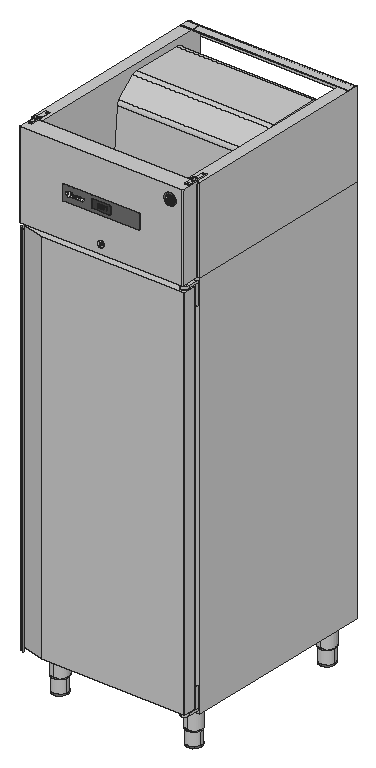
Revit family "QF_HOSHIZAKI_131701010", category Specialty Equipment, Revit 2016
Family settings
  Part Type = Normal
  Round Connector Dimension = Use Diameter
  OmniClass Number = 23.40.40.14
  OmniClass Title = Food Service Equipment
  Work Plane-Based = No
  Always vertical = Yes
  Cut with Voids When Loaded = No
  Shared = No
  Room Calculation Point = No
Parameters (values of type "131701010_230V/1Ph/50Hz")
  Weight = 123.00 kg
  Volts = 230 V
  URL Cutsheet = ""
  URL = "www.hoshizaki-europe.com"
  Status [instance] = ""
  Specification by User [instance] = ""
  Specification by Manufacturer [instance] = ""
  Serial Number = ""
  Seismic Rating = ""
  SMACNA No = ""
  Revision Code [instance] = ""
  Phase = 1
  Number of Poles = 2
  NAFEM Spec ID Number = ""
  Model = "ADVANCE K 70-4 L DR"
  Min Ckt Ampacity = 0 A
  Max Overcurrent Protection = 0 A
  Masterspec = ""
  Manufacturer = "HOSHIZAKI"
  Length Actual = 654 mm
  Item Number [instance] = ""
  Installed By [instance] = ""
  Identify Quantity as Lot [instance] = no
  Height Actual = 2000 mm
  HP power = ""
  Furnished By [instance] = ""
  Foodservice Equipment Identifier [instance] = yes
  FL Amps = 6.52 A
  Electric power = 1500 W
  Electric Connection Type [instance] = ""
  Elec Conn RI Height [instance] = 0 mm
  Elec Conn Connection Height [instance] = 1550 mm
  Description = "ADVANCE REFRIGERATOR, 2/1 GN DEEP, AISI430 STAINLESS STEEL EXTERIOR AND INTERIOR, HC NATURAL REFRIGERANT, LEGS"
  Depth Actual = 830 mm
  Cycle = 50 Hz
  Cost = 0
  Conn Plug = ""
  Conn Conduit = no
  CSI MasterFormat = ""
  Assembly Code = "E1090320"
  Apparent Power = 1500 VA
  Accessory = no
Reference planes
  plane 1 "Center (Front/Back)": y = 0
  plane 2: z = 0
  plane 3 "Center (Left/Right)": x = 0
Forms (mm)
  Extrusion 1, solid, not visible
    sketch origin (624, -2, 1699) x (1, 0, 0) y (0, 1, 0)
      loop
        line (0, 0) -> (2, 0) -> (2, 2) -> (0, 2) -> (0, 0)
    from 0 to 2
Dimensions and locks
  aligned and locked: level to plane 2
Nested families
  nested 1: "QF_HOSHIZAKI_131701010_230V_1Ph_50Hz" at (0, 0, 150), type "131701010_230V/1Ph/50Hz"
    with Show Logo yes, Show Clearance yes
  nested 2: "QF_HOSHIZAKI_PRE_ADV_LEGS" at (0, 0, 0), type "760660118-654X830"
    with Length Actual 654 mm, Height Actual 150 mm, Depth Actual 830 mm
  nested 3: "QF_HOSHIZAKI_AD_70_RX_SS_DOOR" at (0, -760, 160), type "AD_70_RX_SS_DOOR"
    with Show Logo yes, Show Clearance yes
Connectors
  electrical at (625, 0, 1700), driven by "Apparent Power", driven by "Number of Poles", driven by "Volts"
    settings: on Extrusion 1, index 1, voltage 230 V, apparent load 0 VA, apparent load phase1 1500 VA, apparent load phase2 0 VA, apparent load phase3 0 VA, power factor 1, load classification "Other", number of poles 2, system type 31, power factor state 1, is connector primary yes, connector utility no, sub classification motor no, connector description "Electric connection for '131701010'"
Definition of nested family "QF_HOSHIZAKI_131701010_230V_1Ph_50Hz"
  Parameters (values of type "131701010_230V/1Ph/50Hz")
    URL = "www.hoshizaki-europe.com"
    Show Logo [instance] = yes
    Show Clearance [instance] = yes
    Model = "ADVANCE K 70-4 L DR"
    Manufacturer = "HOSHIZAKI"
    Description = "ADVANCE REFRIGERATOR, 2/1 GN DEEP, AISI 304 STAINLESS STEEL EXTERIOR AND INTERIOR, HC NATURAL REFRIGERANT, LEGS"
    Assembly Code = "E1090320"
  Types (6, lengths in mm): name | Model | Description
    131701010_230V/1Ph/50Hz | "ADVANCE K 70-4 L DR" | "ADVANCE REFRIGERATOR, 2/1 GN DEEP, AISI 304 STAINLESS STEEL EXTERIOR AND INTERIOR, HC NATURAL REFRIGERANT, LEGS"
    133701010 | "ADVANCE F 70-4 L DR" | "ADVANCE FREEZER, 2/1 DEEP, AISI 304 STAINLESS STEEL EXTERIOR AND INTERIOR, HC NATURAL REFRIGERANT, LEGS"
    121702010 | "ADVANCE K 70-3 C DR" | "ADVANCE REFRIGERATOR, 2/1 GN DEEP, AISI 403 STAINLESS STEEL EXTERIOR AND INTERIOR, HC NATURAL REFRIGERANT, CASTORS"
    123702010 | "ADVANCE F 70-3 C DR" | "ADVANCE FREEZER, 2/1 DEEP, AISI 403 STAINLESS STEEL EXTERIOR AND INTERIOR, HC NATURAL REFRIGERANT, CASTORS"
    131702030 | "ADVANCE K 70-4 C DR U" | "ADVANCE REFRIGERATOR, 2/1 GN DEEP, AISI 304 STAINLESS STEEL EXTERIOR AND INTERIOR, HC NATURAL REFRIGERANT, CASTORS"
    133702030 | "ADVANCE F 70-4 C DR U" | "ADVANCE FREEZER, 2/1 DEEP, AISI 304 STAINLESS STEEL EXTERIOR AND INTERIOR, HC NATURAL REFRIGERANT, CASTORS"
  Reference planes
    plane 1 "Back": y = 0
    plane 2: z = 0
    plane 3 "Left": x = 0
    plane 4 "Right": x = 654
    plane 5 "Front": y = -830.03
    plane 6 "Top": z = 1850
  Forms (mm)
    Extrusion 1, solid
      sketch origin (-36.57, 17.6, 1850) x (1, 0, 0) y (0, 1, 0)
        loop
          line (675.57, -773.038) -> (675.57, -726.21) -> (660.57, -726.21) -> (660.57, -773.038) -> (675.57, -773.038)
        loop
          circle (668.07, -734.247) r 1.711
        loop
          circle (668.07, -765.001) r 1.711
      from 0 to 2
    Extrusion 2, solid
      sketch origin (-36.57, -41.259, 1850) x (1, 0, 0) y (0, 1, 0)
        loop
          line (675.57, -752.351) -> (675.57, -720.851) -> (660.57, -720.851) -> (660.57, -752.351) -> (675.57, -752.351)
        loop
          circle (668.07, -727.851) r 1.711
        loop
          circle (668.07, -745.351) r 1.711
      from 0 to 2
    Extrusion 3, solid
      sketch origin (624, 17.6, -100.1) x (0, 1, 0) y (0, 0, 1)
        loop
          arc (-776.21, 1952.1) -> (-777.016, 1954.865) -> (-774.851, 1952.966) r 1.5
          line (-774.851, 1952.966) -> (-772.968, 1952.281)
          arc (-772.968, 1952.281) -> (-778.164, 1956.504) -> (-776.21, 1950.1) r 3.5
          line (-776.21, 1950.1) -> (-773.038, 1950.1) -> (-773.038, 1952.1) -> (-776.21, 1952.1)
      from 0 to 15
    Extrusion 4, solid
      sketch origin (-645.57, 17.6, 1850) x (1, 0, 0) y (0, 1, 0)
        loop
          line (675.57, -773.038) -> (675.57, -726.21) -> (660.57, -726.21) -> (660.57, -773.038) -> (675.57, -773.038)
        loop
          circle (668.07, -734.247) r 1.711
        loop
          circle (668.07, -765.001) r 1.711
      from 0 to 2
    Extrusion 5, solid
      sketch origin (-645.57, -41.259, 1850) x (1, 0, 0) y (0, 1, 0)
        loop
          line (675.57, -752.351) -> (675.57, -720.851) -> (660.57, -720.851) -> (660.57, -752.351) -> (675.57, -752.351)
        loop
          circle (668.07, -727.851) r 1.711
        loop
          circle (668.07, -745.351) r 1.711
      from 0 to 2
    Extrusion 6, solid
      sketch origin (15, 17.6, -100.1) x (0, 1, 0) y (0, 0, 1)
        loop
          arc (-776.21, 1952.1) -> (-777.016, 1954.865) -> (-774.851, 1952.966) r 1.5
          line (-774.851, 1952.966) -> (-772.968, 1952.281)
          arc (-772.968, 1952.281) -> (-778.164, 1956.504) -> (-776.21, 1950.1) r 3.5
          line (-776.21, 1950.1) -> (-773.038, 1950.1) -> (-773.038, 1952.1) -> (-776.21, 1952.1)
      from 0 to 15
    Extrusion 7, solid
      sketch origin (0, 0, -100) x (0, 1, 0) y (0, 0, 1)
        loop
          line (-760, 1617.5) -> (0, 1617.5) -> (0, 1948.5)
          arc (0, 1948.5) -> (-0.439, 1949.561) -> (-1.5, 1950) r 1.5
          line (-1.5, 1950) -> (-759.35, 1950)
          arc (-759.35, 1950) -> (-759.81, 1949.81) -> (-760, 1949.35) r 0.65
          line (-760, 1949.35) -> (-760, 1617.5)
      from 0 to 45
    Extrusion 8, solid
      sketch origin (609, 0, -100) x (0, 1, 0) y (0, 0, 1)
        loop
          line (-760, 1617.5) -> (0, 1617.5) -> (0, 1948.5)
          arc (0, 1948.5) -> (-0.439, 1949.561) -> (-1.5, 1950) r 1.5
          line (-1.5, 1950) -> (-759.35, 1950)
          arc (-759.35, 1950) -> (-759.81, 1949.81) -> (-760, 1949.35) r 0.65
          line (-760, 1949.35) -> (-760, 1617.5)
      from 0 to 45
    Extrusion 9, solid
      sketch origin (0, 1.5, -100.1) x (0, 1, 0) y (0, 0, 1)
        loop
          line (-1.51, 1951.6) -> (-38.51, 1951.6) -> (-38.51, 1950.1) -> (-3, 1950.1)
          arc (-3, 1950.1) -> (-1.939, 1949.661) -> (-1.5, 1948.6) r 1.5
          line (-1.5, 1948.6) -> (-1.5, 1914.7) -> (0, 1914.7) -> (0, 1950.09)
          arc (0, 1950.09) -> (-0.442, 1951.158) -> (-1.51, 1951.6) r 1.51
      from 1.06 to 653.06
    Extrusion 10, solid
      sketch origin (0, 17.6, 1849.9) x (1, 0, 0) y (0, 1, 0)
        loop
          line (10, -778.8) -> (10, -842.7)
          arc (10, -842.7) -> (11.435, -846.165) -> (14.9, -847.6) r 4.9
          line (14.9, -847.6) -> (639.1, -847.6)
          arc (639.1, -847.6) -> (642.565, -846.165) -> (644, -842.7) r 4.9
          line (644, -842.7) -> (644, -778.8)
          arc (644, -778.8) -> (643.649, -777.951) -> (642.8, -777.6) r 1.2
          line (642.8, -777.6) -> (11.2, -777.6)
          arc (11.2, -777.6) -> (10.351, -777.951) -> (10, -778.8) r 1.2
      from -332.4 to 0.1
    Extrusion 11, solid
      sketch origin (7.29, 0, -100) x (0, 1, 0) y (0, 0, 1)
        loop
          arc (-113.281, 1932.651) -> (-120.8, 1936.992) -> (-129.35, 1938.5) r 25
          line (-129.35, 1938.5) -> (-324.65, 1938.5)
          arc (-324.65, 1938.5) -> (-333.2, 1936.992) -> (-340.719, 1932.651) r 25
          line (-340.719, 1932.651) -> (-408.922, 1875.423)
          arc (-408.922, 1875.423) -> (-415.027, 1867.815) -> (-417.757, 1858.45) r 25
          line (-417.757, 1858.45) -> (-436.998, 1638.52) -> (-17.002, 1638.52) -> (-36.243, 1858.45)
          arc (-36.243, 1858.45) -> (-38.973, 1867.815) -> (-45.078, 1875.423) r 25
          line (-45.078, 1875.423) -> (-113.281, 1932.651)
      from 52.71 to 586.71
    Extrusion 12, solid
      sketch origin (0, 0, -100) x (1, 0, 0) y (0, 0, 1)
        loop
          line (45, 1638.52) -> (45, 1617.5) -> (609, 1617.5) -> (609, 1638.52) -> (45, 1638.52)
      from 0 to 760
    Extrusion 13, solid, visible <- "Show Logo"
      sketch origin (1053.884, -828.5, -60.1) x (-1, 0, 0) y (0, 0, -1)
        loop
          circle (459.884, -1862.5) r 13.99
      from 0 to 2.5
    Extrusion 14, solid, visible <- "Show Logo"
      sketch origin (1053.884, -829, -60.1) x (-1, 0, 0) y (0, 0, -1)
        loop
          circle (459.884, -1862.5) r 15
        loop
          arc (446.884, -1862.5) -> (460.705, -1875.474) -> (472.781, -1860.863) r 13
          line (472.781, -1860.863) -> (470.355, -1858.437) -> (469.346, -1862.201) -> (466.355, -1863.928) -> (465.024, -1865.26) -> (463.375, -1865.26) -> (462.04, -1870.241) -> (457.755, -1870.241) -> (459.339, -1867.979) -> (460.402, -1864.014) -> (461.224, -1860.945) -> (462.416, -1856.497) -> (461.216, -1855.297) -> (459.433, -1857.843) -> (455.784, -1851.523) -> (460.361, -1851.523) -> (461.471, -1853.446) -> (469.213, -1853.446)
          arc (469.213, -1853.446) -> (460.394, -1849.51) -> (451.293, -1852.743) r 13
          line (451.293, -1852.743) -> (455.577, -1853.891) -> (453.752, -1856.497) -> (455.349, -1856.497) -> (454.477, -1866.459) -> (452.538, -1866.459) -> (446.884, -1862.5)
        loop
          line (447.853, -1857.467) -> (452.313, -1861.926) -> (450.144, -1853.891)
          arc (450.144, -1853.891) -> (448.878, -1855.602) -> (447.853, -1857.467) r 15.828
        loop
          line (463.583, -1862.877) -> (466.64, -1862.399) -> (464.901, -1861.285) -> (463.583, -1857.664) -> (463.583, -1862.877)
        loop
          line (464.827, -1855.979) -> (468.296, -1856.908) -> (469.573, -1854.916) -> (468.881, -1854.224) -> (467.914, -1855.035) -> (464.827, -1855.979)
        loop
          line (462.609, -1872.307) -> (462.609, -1874.009) -> (464.927, -1873.388) -> (462.609, -1872.307)
        loop
          line (460.361, -1874.662) -> (459.594, -1873.335) -> (460.801, -1872.638) -> (459.186, -1872.205) -> (458.298, -1874.11) -> (460.361, -1874.662)
        loop
          line (459.623, -1846.783) -> (460.706, -1845.701) -> (462.247, -1845.701) -> (461.191, -1844.645) -> (461.503, -1842.874) -> (459.623, -1843.959) -> (457.743, -1842.874) -> (458.055, -1844.645) -> (456.999, -1845.701) -> (458.54, -1845.701) -> (459.623, -1846.783)
        loop
          line (446.86, -1853.7) -> (446.594, -1852.191) -> (447.478, -1850.929) -> (446.007, -1851.188) -> (444.736, -1849.917) -> (444.547, -1852.08) -> (442.579, -1852.997) -> (444.209, -1853.757) -> (444.468, -1855.228) -> (445.352, -1853.965) -> (446.86, -1853.7)
        loop
          line (452.395, -1848.68) -> (452.856, -1847.219) -> (454.223, -1846.508) -> (452.799, -1846.059) -> (452.258, -1844.344) -> (451.091, -1846.175) -> (448.922, -1846.08) -> (450.017, -1847.507) -> (449.568, -1848.931) -> (450.935, -1848.219) -> (452.395, -1848.68)
        loop
          line (472.909, -1853.7) -> (474.417, -1853.965) -> (475.301, -1855.228) -> (475.56, -1853.757) -> (477.19, -1852.997) -> (475.222, -1852.08) -> (475.033, -1849.917) -> (473.761, -1851.188) -> (472.291, -1850.929) -> (473.175, -1852.191) -> (472.909, -1853.7)
        loop
          line (467.374, -1848.68) -> (468.834, -1848.219) -> (470.201, -1848.931) -> (469.752, -1847.507) -> (470.847, -1846.08) -> (468.678, -1846.175) -> (467.511, -1844.344) -> (466.97, -1846.059) -> (465.546, -1846.508) -> (466.913, -1847.219) -> (467.374, -1848.68)
      from 0 to 2.5
    Extrusion 15, solid, visible <- "Show Logo"
      sketch origin (1053.884, -829, -60.1) x (-1, 0, 0) y (0, 0, -1)
        loop
          line (462.609, -1874.009) -> (462.609, -1872.307) -> (462.085, -1870.241) -> (457.755, -1870.241) -> (459.339, -1867.979) -> (462.416, -1856.497) -> (461.216, -1855.297) -> (459.433, -1857.843) -> (455.808, -1851.565) -> (453.948, -1851.565) -> (455.577, -1853.891) -> (454.477, -1866.459) -> (456.345, -1871.339)
          arc (456.345, -1871.339) -> (456.868, -1874.025) -> (459.213, -1875.435) r 3.366
          arc (459.213, -1875.435) -> (460.198, -1875.496) -> (461.183, -1875.435) r 8.046
          line (461.183, -1875.435) -> (462.609, -1874.009)
        loop
          line (456.854, -1851.523) -> (460.361, -1851.523) -> (460.916, -1852.485) -> (462.702, -1852.485) -> (463.779, -1851.407) -> (460.623, -1851.407) -> (461.563, -1850.468) -> (456.245, -1850.468) -> (456.854, -1851.523)
        loop
          line (460.361, -1874.662) -> (459.594, -1873.335) -> (460.801, -1872.638) -> (459.186, -1872.205) -> (458.298, -1874.11) -> (460.361, -1874.662)
      from 0 to 2.5
    Extrusion 16, solid, visible <- "Show Logo"
      sketch origin (1039.5, -828.5, 1238.8) x (-1, 0, 0) y (0, 0, -1)
        loop
          circle (445.5, -563.6) r 22.5
      from 0 to 2
    Extrusion 17, solid
      sketch origin (0, 0, 0) x (1, 0, 0) y (0, 0, 1)
        loop
          line (0, 1517.5) -> (0, 0) -> (654, 0) -> (654, 1517.5) -> (0, 1517.5)
        loop
          line (60, 1457.5) -> (60, 60) -> (594, 60) -> (594, 1457.5) -> (60, 1457.5)
      from 0 to 760
    Extrusion 18, solid
      sketch origin (0, 0, 0) x (1, 0, 0) y (0, 0, 1)
        loop
          line (60, 60) -> (594, 60) -> (594, 1457.5) -> (60, 1457.5) -> (60, 60)
      from 0 to 45
    Extrusion 19, solid
      sketch origin (619.076, -828.5, -100.11) x (1, 0, 0) y (0, 0, 1)
        loop
          arc (-147.076, 1752.13) -> (-143.541, 1753.594) -> (-142.076, 1757.13) r 5
          line (-142.076, 1757.13) -> (-142.076, 1807.13)
          arc (-142.076, 1807.13) -> (-143.541, 1810.666) -> (-147.076, 1812.13) r 5
          line (-147.076, 1812.13) -> (-437.076, 1812.13)
          arc (-437.076, 1812.13) -> (-440.612, 1810.666) -> (-442.076, 1807.13) r 5
          line (-442.076, 1807.13) -> (-442.076, 1757.13)
          arc (-442.076, 1757.13) -> (-440.612, 1753.594) -> (-437.076, 1752.13) r 5
          line (-437.076, 1752.13) -> (-147.076, 1752.13)
        loop
          line (-329.576, 1792.63) -> (-329.576, 1771.63)
          arc (-329.576, 1771.63) -> (-327.819, 1767.387) -> (-323.576, 1765.63) r 6
          line (-323.576, 1765.63) -> (-260.576, 1765.63)
          arc (-260.576, 1765.63) -> (-256.334, 1767.387) -> (-254.576, 1771.63) r 6
          line (-254.576, 1771.63) -> (-254.576, 1792.63)
          arc (-254.576, 1792.63) -> (-256.334, 1796.873) -> (-260.576, 1798.63) r 6
          line (-260.576, 1798.63) -> (-323.576, 1798.63)
          arc (-323.576, 1798.63) -> (-327.819, 1796.873) -> (-329.576, 1792.63) r 6
      from 0 to 2
    Extrusion 20, solid
      sketch origin (619.076, -828.5, -100.11) x (1, 0, 0) y (0, 0, 1)
        loop
          arc (-323.576, 1798.63) -> (-327.819, 1796.873) -> (-329.576, 1792.63) r 6
          line (-329.576, 1792.63) -> (-329.576, 1771.63)
          arc (-329.576, 1771.63) -> (-327.819, 1767.387) -> (-323.576, 1765.63) r 6
          line (-323.576, 1765.63) -> (-260.576, 1765.63)
          arc (-260.576, 1765.63) -> (-256.334, 1767.387) -> (-254.576, 1771.63) r 6
          line (-254.576, 1771.63) -> (-254.576, 1792.63)
          arc (-254.576, 1792.63) -> (-256.334, 1796.873) -> (-260.576, 1798.63) r 6
          line (-260.576, 1798.63) -> (-323.576, 1798.63)
      from 0 to 2
    Extrusion 21, solid
      sketch origin (619.076, -829, -100.11) x (1, 0, 0) y (0, 0, 1)
        loop
          line (-298.911, 1787.691) -> (-298.115, 1788.439) -> (-298.929, 1789.206) -> (-304.501, 1789.206) -> (-305.3, 1788.422) -> (-304.534, 1787.691) -> (-298.911, 1787.691)
        loop
          line (-296.938, 1787.449) -> (-297.831, 1788.111) -> (-298.725, 1787.449) -> (-298.725, 1783.432) -> (-297.831, 1782.769) -> (-296.938, 1783.432) -> (-296.938, 1787.449)
        loop
          line (-298.911, 1777.181) -> (-304.534, 1777.181) -> (-305.3, 1776.45) -> (-304.501, 1775.666) -> (-298.929, 1775.666) -> (-298.115, 1776.432) -> (-298.911, 1777.181)
        loop
          line (-296.938, 1777.423) -> (-296.938, 1781.44) -> (-297.831, 1782.103) -> (-298.725, 1781.44) -> (-298.725, 1777.423) -> (-297.831, 1776.761) -> (-296.938, 1777.423)
        loop
          line (-298.911, 1783.189) -> (-304.534, 1783.189) -> (-305.3, 1782.459) -> (-304.501, 1781.675) -> (-298.929, 1781.675) -> (-298.115, 1782.441) -> (-298.911, 1783.189)
        loop
          line (-270.911, 1787.691) -> (-270.115, 1788.439) -> (-270.929, 1789.206) -> (-276.501, 1789.206) -> (-277.3, 1788.422) -> (-276.534, 1787.691) -> (-270.911, 1787.691)
        loop
          line (-268.938, 1787.449) -> (-269.831, 1788.111) -> (-270.725, 1787.449) -> (-270.725, 1783.432) -> (-269.831, 1782.769) -> (-268.938, 1783.432) -> (-268.938, 1787.449)
        loop
          line (-268.938, 1777.423) -> (-268.938, 1781.44) -> (-269.831, 1782.103) -> (-270.725, 1781.44) -> (-270.725, 1777.423) -> (-269.831, 1776.761) -> (-268.938, 1777.423)
        loop
          line (-294.968, 1776.333) -> (-293.829, 1775.386) -> (-292.676, 1776.348) -> (-293.829, 1777.28) -> (-294.968, 1776.333)
        loop
          line (-282.911, 1777.226) -> (-288.534, 1777.226) -> (-289.3, 1776.496) -> (-288.501, 1775.712) -> (-282.929, 1775.712) -> (-282.115, 1776.478) -> (-282.911, 1777.226)
        loop
          line (-280.938, 1777.469) -> (-280.938, 1781.486) -> (-281.831, 1782.148) -> (-282.725, 1781.486) -> (-282.725, 1777.469) -> (-281.831, 1776.806) -> (-280.938, 1777.469)
        loop
          line (-282.911, 1787.737) -> (-282.115, 1788.485) -> (-282.929, 1789.251) -> (-288.501, 1789.251) -> (-289.3, 1788.467) -> (-288.534, 1787.737) -> (-282.911, 1787.737)
        loop
          line (-280.938, 1787.494) -> (-281.831, 1788.157) -> (-282.725, 1787.494) -> (-282.725, 1783.477) -> (-281.831, 1782.815) -> (-280.938, 1783.477) -> (-280.938, 1787.494)
        loop
          line (-282.911, 1781.728) -> (-282.115, 1782.476) -> (-282.929, 1783.243) -> (-288.501, 1783.243) -> (-289.3, 1782.459) -> (-288.534, 1781.728) -> (-282.911, 1781.728)
        loop
          line (-290.492, 1787.494) -> (-290.492, 1783.477) -> (-289.599, 1782.815) -> (-288.705, 1783.477) -> (-288.705, 1787.494) -> (-289.599, 1788.157) -> (-290.492, 1787.494)
      from 0 to 2
    Revolve 22, solid
      sketch origin (327, 917.6, -100.11) x (0, 1, 0) y (0, 0, 1)
        loop
          line (-1752.6, 1652.1) -> (-1747.6, 1652.1) -> (-1747.6, 1662.634)
          arc (-1747.6, 1662.634) -> (-1748.329, 1663.731) -> (-1749.631, 1663.534) r 1.226
          line (-1749.631, 1663.534) -> (-1752.6, 1660.565) -> (-1752.6, 1652.1)
        axis (-1747.6, 1652.1) -> (-1752.6, 1652.1)
      angle from 0 to 360
    Extrusion 23, void
      sketch origin (-818.06, -833.5, -101.61) x (1, 0, 0) y (0, 0, 1)
        loop
          line (1143.96, 1657.815) -> (1143.96, 1649.385) -> (1146.16, 1649.385) -> (1146.16, 1657.815) -> (1143.96, 1657.815)
      from -1.469 to 2
    Extrusion 24, solid, visible <- "Show Logo"
      sketch origin (787.623, -829, -98.186) x (1, 0, 0) y (0, 0, 1)
        loop
          line (-574.302, 1788.729) -> (-583.131, 1788.729)
          arc (-583.131, 1788.729) -> (-589.303, 1787.599) -> (-594.673, 1784.355) r 17.416
          arc (-594.673, 1784.355) -> (-596.462, 1781.094) -> (-595.769, 1777.439) r 5.506
          arc (-595.769, 1777.439) -> (-593.146, 1774.866) -> (-589.587, 1773.956) r 7.07
          line (-589.587, 1773.956) -> (-587.25, 1773.956) -> (-588.248, 1771.34) -> (-581.613, 1771.34) -> (-580.432, 1773.956) -> (-571.398, 1773.956) -> (-569.064, 1779.592) -> (-566.746, 1773.956) -> (-559.715, 1773.956) -> (-557.728, 1776.29) -> (-552.838, 1776.29) -> (-551.953, 1773.956) -> (-545.563, 1773.956) -> (-543.121, 1779.778) -> (-540.707, 1773.914) -> (-533.897, 1779.586) -> (-536.239, 1773.956) -> (-530.603, 1773.956) -> (-526.429, 1784.233) -> (-531.941, 1784.233) -> (-537.329, 1779.747) -> (-539.135, 1784.233) -> (-544.054, 1784.233) -> (-547.268, 1776.58) -> (-550.408, 1784.233) -> (-554.271, 1784.233) -> (-561.118, 1776.477) -> (-561.995, 1776.477) -> (-562.958, 1778.877)
          arc (-562.958, 1778.877) -> (-561.217, 1779.568) -> (-560.011, 1781.001) r 3.84
          arc (-560.011, 1781.001) -> (-560.124, 1783.171) -> (-562.025, 1784.225) r 2.241
          line (-562.025, 1784.225) -> (-573.005, 1784.225) -> (-576.227, 1776.507) -> (-579.37, 1776.507) -> (-576.183, 1784.227) -> (-585.103, 1784.227) -> (-586.099, 1781.742) -> (-583.981, 1781.742) -> (-586.194, 1776.345)
          arc (-586.194, 1776.345) -> (-588.764, 1776.925) -> (-590.188, 1779.141) r 3.476
          arc (-590.188, 1779.141) -> (-590.046, 1780.636) -> (-589.587, 1782.064) r 6.962
          arc (-589.587, 1782.064) -> (-587.018, 1785.071) -> (-583.227, 1786.194) r 6.962
          line (-583.227, 1786.194) -> (-575.446, 1786.194) -> (-574.302, 1788.729)
        loop
          line (-568.201, 1781.677) -> (-568.99, 1779.771) -> (-567.006, 1779.771)
          arc (-567.006, 1779.771) -> (-565.95, 1780.209) -> (-565.513, 1781.264) r 1.493
          arc (-565.513, 1781.264) -> (-565.795, 1781.565) -> (-566.192, 1781.677) r 0.765
          line (-566.192, 1781.677) -> (-568.201, 1781.677)
        loop
          line (-554.482, 1780.63) -> (-556.797, 1778.007) -> (-553.488, 1778.007) -> (-554.482, 1780.63)
      from 0 to 2
  Cuts and joins
    joined: Extrusion 17, Extrusion 18
    Extrusion 23 cuts Revolve 22
  Lines and regions (mm)
    symbolic lines
      curve 1: line (0, 0, 0) -> (0, -760, 0)
      curve 2: line (654, -760, 0) -> (654, 0, 0)
      curve 3: line (14.9, -830, 0) -> (639.1, -830, 0)
      curve 4: line (654, 0, 0) -> (0, 0, 0)
      curve 5: line (60, -37.01, 0) -> (60, -436.998, 0)
      curve 6: line (60, -436.998, 0) -> (594, -436.998, 0)
      curve 7: line (594, -436.998, 0) -> (594, -37.01, 0)
      curve 8: line (609, -37.01, 0) -> (609, -760, 0)
      curve 9: line (45, -760, 0) -> (45, -37.01, 0)
      curve 10: line (0, -37.01, 0) -> (654, -37.01, 0)
      curve 11: line (654, -760, 0) -> (0, -760, 0)
      curve 12: line (644, -825.1, 0) -> (644, -761.2, 0)
      curve 13: arc (639.1, -830, 0) -> (642.565, -828.565, 0) -> (644, -825.1, 0) r 4.9
      curve 14: arc (10, -825.1, 0) -> (11.435, -828.565, 0) -> (14.9, -830, 0) r 4.9
      curve 15: line (10, -761.2, 0) -> (10, -825.1, 0)
      curve 16: arc (11.2, -760, 0) -> (10.351, -760.351, 0) -> (10, -761.2, 0) r 1.2
      curve 17: arc (644, -761.2, 0) -> (643.649, -760.351, 0) -> (642.8, -760, 0) r 1.2
  Dimensions and locks
    plane 4 "Right" to plane 3 "Left" = 654 mm
    plane 6 "Top" to level = 1850 mm  (x2)
    plane 3 "Left" to plane 4 "Right" = 654 mm
    plane 5 "Front" to plane 1 "Back" = 830.03 mm
    plane 1 "Back" to plane 5 "Front" = 830.03 mm
    aligned and locked: level to plane 2
Definition of nested family "QF_HOSHIZAKI_PRE_ADV_LEGS"
  Parameters (values of type "760660118-654X830")
    Weight [instance] = 0.00 kg
    URL Cutsheet [instance] = ""
    URL = "www.hoshizaki-europe.com"
    Status [instance] = ""
    Specification by User [instance] = ""
    Specification by Manufacturer [instance] = ""
    Serial Number [instance] = ""
    Seismic Rating [instance] = ""
    SMACNA No [instance] = ""
    Right offset = 67 mm
    Revision Code [instance] = ""
    Rear offset = 58 mm
    NAFEM Spec ID Number [instance] = ""
    Model = "L1"
    Masterspec [instance] = ""
    Manufacturer = "HOSHIZAKI"
    Length Actual [instance] = 654 mm
    Left offset = 67 mm
    Item Number [instance] = ""
    Installed By [instance] = ""
    Identify Quantity as Lot [instance] = no
    Height Actual [instance] = 150 mm
    Furnished By [instance] = ""
    Front offset = 125 mm
    Foodservice Equipment Identifier [instance] = no
    Description = "SET OF STAINLESS LEGS 130-180 MM"
    Depth Actual [instance] = 830 mm
    Cost = 0
    CSI MasterFormat [instance] = ""
    Assembly Code = "E1090320"
    Accessory [instance] = yes
  Reference planes
    plane 1 "Back": y = 0
    plane 2: z = 0
    plane 3 "Left": x = 0
    plane 4 "Right": x = 654
    plane 5 "Front": y = -830
    plane 6 "Top": z = 150
    plane 7 "Left offset": x = 67
    plane 8 "Right offset": x = 587
    plane 9 "Rear offset": y = -58
    plane 10 "Front offset": y = -705
    plane 11 "Central": x = 327
  Dimensions and locks
    "Length Actual": plane 3 "Left" to plane 4 "Right"
    "Depth Actual": plane 5 "Front" to plane 1 "Back"
    "Left offset": plane 3 "Left" to plane 7 "Left offset"
    "Right offset": plane 8 "Right offset" to plane 4 "Right"
    "Rear offset": plane 9 "Rear offset" to plane 1 "Back"
    "Front offset": plane 10 "Front offset" to plane 5 "Front"
    "Height Actual": plane 6 "Top" to plane 2
    equal spacing: plane 7 "Left offset", plane 11 "Central", plane 8 "Right offset"
    aligned and locked: level to plane 2
    aligned and locked: nested 1 to plane 9 "Rear offset"
    aligned and locked: nested 2 to plane 9 "Rear offset"
    aligned and locked: nested 1 to plane 7 "Left offset"
    aligned and locked: nested 2 to plane 8 "Right offset"
    aligned and locked: nested 3 to plane 10 "Front offset"
    aligned and locked: nested 4 to plane 10 "Front offset"
    aligned and locked: nested 3 to plane 7 "Left offset"
    aligned and locked: nested 4 to plane 8 "Right offset"
  Nested families
    nested 1: "QF_LEGS" at (67, -58, 0), type "LEGS"
    nested 2: "QF_LEGS" at (587, -58, 0), type "LEGS"
    nested 3: "QF_LEGS" at (67, -705, 0), type "LEGS"
    nested 4: "QF_LEGS" at (587, -705, 0), type "LEGS"
  Definition of nested family "QF_LEGS"
    Parameters (values of type "LEGS")
      Height = 150 mm
    Reference planes
      plane 1 "Center (Front/Back)": y = 0
      plane 2: z = 0
      plane 3 "Center (Left/Right)": x = 0
      plane 4 "Top": z = 150
      plane 5: z = 147.5
    Forms (mm)
      Extrusion 1, solid
        sketch origin (0, 0, 150) x (0, 1, 0) y (-1, 0, 0)
          loop
            line (40, 40) -> (-40, 40) -> (-40, -40) -> (40, -40) -> (40, 40)
        from 0 to -2.5
      Extrusion 2, solid
        sketch origin (-199.986, 580, 0) x (1, 0, 0) y (0, 1, 0)
          loop
            circle (199.986, -580) r 28
        from 5 to 58
      Extrusion 3, solid
        sketch origin (-199.986, 580, 0) x (1, 0, 0) y (0, 1, 0)
          loop
            circle (199.986, -580) r 29
        from 0 to 5
      Revolve 4, solid
        sketch origin (0, 0, 0) x (0, 1, 0) y (0, 0, 1)
          loop
            line (0, 147.5) -> (-31.75, 147.5) -> (-31.75, 61.75)
            arc (-31.75, 61.75) -> (-30.652, 59.098) -> (-28, 58) r 3.75
            line (-28, 58) -> (0, 58) -> (0, 147.5)
          axis (0, 58) -> (0, 147.5)
        angle from 0 to 360
    Dimensions and locks
      "Height": plane 4 "Top" to plane 2
      locked: plane 4 "Top" to plane 5 at 2.5
      aligned and locked: level to plane 2
      aligned and locked: Revolve 4 sketch curve to plane 1 "Center (Front/Back)"
      aligned and locked: Extrusion 1 to plane 5
      aligned and locked: Revolve 4 sketch curve to plane 5
    Automatic sketch dimensions
      plane 1 "Center (Front/Back)" to Extrusion 1 sketch curve = 40 mm
      Extrusion 1 sketch curve to plane 1 "Center (Front/Back)" = 40 mm
      plane 3 "Center (Left/Right)" to Extrusion 1 sketch curve = 40 mm
      Extrusion 1 sketch curve to plane 3 "Center (Left/Right)" = 40 mm
      plane 1 "Center (Front/Back)" to Extrusion 2 sketch curve = 0 mm
      Extrusion 2 sketch curve to plane 3 "Center (Left/Right)" = 0 mm
      plane 1 "Center (Front/Back)" to Extrusion 3 sketch curve = 0 mm
      Extrusion 3 sketch curve to plane 3 "Center (Left/Right)" = 0 mm
      Revolve 4 sketch curve to plane 1 "Center (Front/Back)" = 0 mm
      Revolve 4 sketch curve to plane 5 = 0 mm
      plane 1 "Center (Front/Back)" to Revolve 4 sketch curve = 28 mm
      level to Revolve 4 sketch curve = 61.75 mm
      Revolve 4 sketch curve to Revolve 4 sketch curve = 3.75 mm
      Revolve 4 sketch curve to Revolve 4 sketch curve = 28 mm
      radius of Extrusion 2 sketch curve = 28 mm
      radius of Extrusion 3 sketch curve = 29 mm
Definition of nested family "QF_HOSHIZAKI_AD_70_RX_SS_DOOR"
  Parameters (values of type "AD_70_RX_SS_DOOR")
    Weight [instance] = 0.00 kg
    URL Cutsheet [instance] = ""
    URL = "www.hoshizaki-europe.com"
    Status [instance] = ""
    Specification by User [instance] = ""
    Specification by Manufacturer [instance] = ""
    Show Logo [instance] = yes
    Show Clearance [instance] = yes
    Serial Number [instance] = ""
    Seismic Rating [instance] = ""
    SMACNA No [instance] = ""
    Revision Code [instance] = ""
    NAFEM Spec ID Number [instance] = ""
    Model = "AD_70_RX_SS_DOOR"
    Masterspec [instance] = ""
    Manufacturer = "HOSHIZAKI"
    Length Actual [instance] = 0 mm
    Item Number [instance] = ""
    Installed By [instance] = ""
    Identify Quantity as Lot [instance] = no
    Height Actual [instance] = 0 mm
    Furnished By [instance] = ""
    Foodservice Equipment Identifier [instance] = no
    Description = "STAINLESS STEEL RIGHT OPENING DOOR"
    Depth Actual [instance] = 0 mm
    Cost = 0
    CSI MasterFormat [instance] = ""
    Assembly Code = "E1090320"
    Accessory [instance] = yes
  Reference planes
    plane 1 "Back": y = 0
    plane 2: z = 0
    plane 3 "Left": x = 0
    plane 4 "Right": x = 654
    plane 5 "Front": y = -70
    plane 6 "Top": z = 1495
  Forms (mm)
    Extrusion 1, solid
      sketch origin (-17.967, -34.997, 17.1) x (1, 0, 0) y (0, 0, 1)
        loop
          line (637.933, 1453.343) -> (53.047, 1453.343) -> (53.047, 14.657) -> (637.933, 14.657) -> (637.933, 1453.343)
        loop
          line (73.047, 1433.343) -> (73.047, 34.657) -> (617.933, 34.657) -> (617.933, 1433.343) -> (73.047, 1433.343)
      from -34.997 to -15.007
    Extrusion 2, solid
      sketch origin (-32.717, 3.632, 1485.1) x (1, 0, 0) y (0, 1, 0)
        loop
          line (646.35, -3.632) -> (646.35, -45.629)
          arc (646.35, -45.629) -> (662.35, -61.629) -> (678.35, -45.629) r 16
          line (678.35, -45.629) -> (678.35, -3.632) -> (646.35, -3.632)
        loop
          circle (662.35, -45.629) r 5
      from 2.9 to 9.9
    Extrusion 3, solid
      sketch origin (-32.717, 2.629, -84.9) x (0, 1, 0) y (0, 0, 1)
        loop
          line (-9.129, 1500.199) -> (-4.629, 1493.9) -> (-2.629, 1493.9) -> (-2.629, 1572.9) -> (-9.129, 1572.9) -> (-9.129, 1500.199)
      from 646.35 to 678.35
    Extrusion 4, solid
      sketch origin (-32.717, 3.632, 1485.1) x (1, 0, 0) y (0, 1, 0)
        loop
          circle (662.35, -45.629) r 16
      from 0 to 2.9
    Extrusion 5, solid
      sketch origin (-32.717, 3.632, 1485.1) x (1, 0, 0) y (0, 1, 0)
        loop
          circle (662.35, -45.629) r 5
      from 0 to 9.9
    Extrusion 6, solid
      sketch origin (-32.717, 3.632, 15.1) x (1, 0, 0) y (0, 1, 0)
        loop
          line (602.25, -32.879) -> (602.25, -58.379) -> (677.25, -58.379) -> (677.25, -32.879) -> (602.25, -32.879)
        loop
          circle (636.875, -45.629) r 5
        loop
          circle (611.525, -45.629) r 5
      from 0 to 2
    Extrusion 7, solid
      sketch origin (-32.717, 3.632, -2.9) x (0, -1, 0) y (1, 0, 0)
        loop
          line (3.632, 646.35) -> (45.629, 646.35)
          arc (45.629, 646.35) -> (61.629, 662.35) -> (45.629, 678.35) r 16
          line (45.629, 678.35) -> (3.632, 678.35) -> (3.632, 646.35)
        loop
          circle (45.629, 662.35) r 5
      from 2.9 to 9.9
    Extrusion 8, solid
      sketch origin (-32.717, 2.629, 1579.9) x (0, 1, 0) y (0, 0, 1)
        loop
          line (-9.129, -1500.199) -> (-9.129, -1572.9) -> (-2.629, -1572.9) -> (-2.629, -1493.9) -> (-4.629, -1493.9) -> (-9.129, -1500.199)
      from 646.35 to 678.35
    Extrusion 9, solid
      sketch origin (-32.717, 3.632, -1) x (0, -1, 0) y (1, 0, 0)
        loop
          circle (45.629, 662.35) r 5
      from 0 to 16.1
    Extrusion 10, solid
      sketch origin (-120.849, -113.154, 17.1) x (1, 0, 0) y (0, 1, 0)
        loop
          line (769.772, 93.164) -> (126.159, 93.164)
          arc (126.159, 93.164) -> (125.586, 92.927) -> (125.349, 92.354) r 0.81
          line (125.349, 92.354) -> (125.349, 59.955)
          arc (125.349, 59.955) -> (128.081, 51.647) -> (135.209, 46.581) r 14
          line (135.209, 46.581) -> (142.86, 44.213)
          arc (142.86, 44.213) -> (143.923, 44.774) -> (143.363, 45.837) r 0.85
          line (143.363, 45.837) -> (135.929, 48.138)
          arc (135.929, 48.138) -> (129.536, 52.667) -> (127.057, 60.1) r 12.598
          line (127.057, 60.1) -> (127.057, 70.711) -> (216.079, 43.154) -> (769.772, 43.154)
          arc (769.772, 43.154) -> (770.203, 43.333) -> (770.382, 43.764) r 0.61
          line (770.382, 43.764) -> (770.382, 92.554)
          arc (770.382, 92.554) -> (770.203, 92.985) -> (769.772, 93.164) r 0.61
      from 0 to 1468
    Extrusion 11, solid, visible <- "Show Clearance", detail levels coarse
      sketch origin (654, 0, 0) x (-1, 0, 0) y (0, -1, 0)
        loop
          line (4.5, 70) -> (649.5, 70)
          arc (649.5, 70) -> (460.584, 526.084) -> (4.5, 715) r 645
          line (4.5, 715) -> (4.5, 70)
      from 17.1 to 1485.1
  Lines and regions (mm)
    symbolic lines, visible <- "Show Clearance"
      curve 1: arc (649.5, -715, 0) -> (193.416, -526.084, 0) -> (4.5, -70, 0) r 645
      curve 2: line (649.5, -70, 0) -> (649.5, -715, 0)
  Dimensions and locks
    plane 4 "Right" to plane 3 "Left" = 654 mm
    plane 6 "Top" to level = 1495 mm  (x2)
    plane 3 "Left" to plane 4 "Right" = 654 mm
    plane 5 "Front" to plane 1 "Back" = 70 mm
    plane 1 "Back" to plane 5 "Front" = 70 mm
    aligned and locked: level to plane 2
